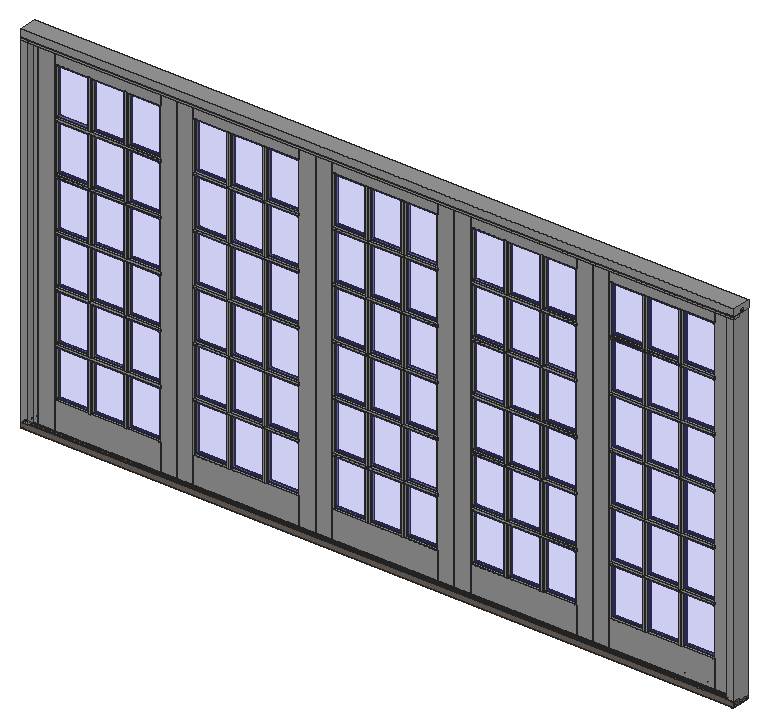
Revit family "VSFA 4190 SP LH", category Doors, host Wall, Revit 2015 (continued)
Forms (mm)
  Sweep 135, solid, material "Lauan, Meranti"
    profile origin (-195.85, -75, 474) x (0, 0, -1) y (0, -1, 0)
      loop
        arc (0, -86) -> (4.67, -84.366) -> (7, -80) r 6.807
        line (7, -80) -> (9, -80) -> (9, -78)
  Extrusion 136, solid, material "Lauan, Meranti"
    sketch origin (1526, 0, -0.012) x (-1, 0, 0) y (0, -1, 0)
      loop
        line (597.34, 15.5) -> (584.34, 15.5) -> (584.34, 13.5)
        arc (584.34, 13.5) -> (579.67, 11.866) -> (577.34, 7.5) r 6.807
        line (577.34, 7.5) -> (575.34, 7.5) -> (575.34, 5.5) -> (584.34, 5.5) -> (584.34, -24.5) -> (597.34, -24.5) -> (597.34, 5.5) -> (606.34, 5.5) -> (606.34, 7.5) -> (604.34, 7.5)
        arc (604.34, 7.5) -> (602.01, 11.866) -> (597.34, 13.5) r 6.807
        line (597.34, 13.5) -> (597.34, 15.5)
      loop
        line (808.68, 15.5) -> (795.68, 15.5) -> (795.68, 13.5)
        arc (795.68, 13.5) -> (791.01, 11.866) -> (788.68, 7.5) r 6.807
        line (788.68, 7.5) -> (786.68, 7.5) -> (786.68, 5.5) -> (795.68, 5.5) -> (795.68, -24.5) -> (808.68, -24.5) -> (808.68, 5.5) -> (817.68, 5.5) -> (817.68, 7.5) -> (815.68, 7.5)
        arc (815.68, 7.5) -> (813.35, 11.866) -> (808.68, 13.5) r 6.807
        line (808.68, 13.5) -> (808.68, 15.5)
    from 190 to 474
  Sweep 137, solid, material "Lauan, Meranti"
    path origin (1478.612, -75, -1252.284) x (-1, 0, 0) y (0, 0, -1)
      loop
        line (338.612, -1726.284) -> (536.952, -1726.284) -> (536.952, -1442.272) -> (338.612, -1442.272) -> (338.612, -1726.284)
    profile origin (1040.83, -75, 474) x (0, 0, -1) y (0, -1, 0)
      loop
        line (9, -78) -> (0, -78) -> (0, -86)
        arc (0, -86) -> (4.67, -84.366) -> (7, -80) r 6.807
        line (7, -80) -> (9, -80) -> (9, -78)
  Sweep 138, solid, material "Lauan, Meranti"
    path origin (1267.272, -75, -1252.284) x (-1, 0, 0) y (0, 0, -1)
      loop
        line (338.612, -1726.284) -> (536.952, -1726.284) -> (536.952, -1442.272) -> (338.612, -1442.272) -> (338.612, -1726.284)
    profile origin (829.49, -75, 474) x (0, 0, -1) y (0, -1, 0)
      loop
        line (9, -78) -> (0, -78) -> (0, -86)
        arc (0, -86) -> (4.67, -84.366) -> (7, -80) r 6.807
        line (7, -80) -> (9, -80) -> (9, -78)
  Sweep 139, solid, material "Lauan, Meranti"
    path origin (1055.932, -75, -1252.284) x (-1, 0, 0) y (0, 0, -1)
      loop
        line (338.612, -1726.284) -> (536.952, -1726.284) -> (536.952, -1442.272) -> (338.612, -1442.272) -> (338.612, -1726.284)
    profile origin (618.15, -75, 474) x (0, 0, -1) y (0, -1, 0)
      loop
        line (9, -78) -> (0, -78) -> (0, -86)
        arc (0, -86) -> (4.67, -84.366) -> (7, -80) r 6.807
        line (7, -80) -> (9, -80) -> (9, -78)
  Extrusion 140, solid, material "Lauan, Meranti"
    sketch origin (2340, 0, -0.012) x (-1, 0, 0) y (0, -1, 0)
      loop
        line (597.34, 15.5) -> (584.34, 15.5) -> (584.34, 13.5)
        arc (584.34, 13.5) -> (579.67, 11.866) -> (577.34, 7.5) r 6.807
        line (577.34, 7.5) -> (575.34, 7.5) -> (575.34, 5.5) -> (584.34, 5.5) -> (584.34, -24.5) -> (597.34, -24.5) -> (597.34, 5.5) -> (606.34, 5.5) -> (606.34, 7.5) -> (604.34, 7.5)
        arc (604.34, 7.5) -> (602.01, 11.866) -> (597.34, 13.5) r 6.807
        line (597.34, 13.5) -> (597.34, 15.5)
      loop
        line (808.68, 15.5) -> (795.68, 15.5) -> (795.68, 13.5)
        arc (795.68, 13.5) -> (791.01, 11.866) -> (788.68, 7.5) r 6.807
        line (788.68, 7.5) -> (786.68, 7.5) -> (786.68, 5.5) -> (795.68, 5.5) -> (795.68, -24.5) -> (808.68, -24.5) -> (808.68, 5.5) -> (817.68, 5.5) -> (817.68, 7.5) -> (815.68, 7.5)
        arc (815.68, 7.5) -> (813.35, 11.866) -> (808.68, 13.5) r 6.807
        line (808.68, 13.5) -> (808.68, 15.5)
    from 190 to 474
  Sweep 141, solid, material "Lauan, Meranti"
    path origin (2292.612, -75, -1252.284) x (-1, 0, 0) y (0, 0, -1)
      loop
        line (338.612, -1726.284) -> (536.952, -1726.284) -> (536.952, -1442.272) -> (338.612, -1442.272) -> (338.612, -1726.284)
    profile origin (1854.83, -75, 474) x (0, 0, -1) y (0, -1, 0)
      loop
        line (9, -78) -> (0, -78) -> (0, -86)
        arc (0, -86) -> (4.67, -84.366) -> (7, -80) r 6.807
        line (7, -80) -> (9, -80) -> (9, -78)
  Sweep 142, solid, material "Lauan, Meranti"
    path origin (2081.272, -75, -1252.284) x (-1, 0, 0) y (0, 0, -1)
      loop
        line (338.612, -1726.284) -> (536.952, -1726.284) -> (536.952, -1442.272) -> (338.612, -1442.272) -> (338.612, -1726.284)
    profile origin (1643.49, -75, 474) x (0, 0, -1) y (0, -1, 0)
      loop
        line (9, -78) -> (0, -78) -> (0, -86)
        arc (0, -86) -> (4.67, -84.366) -> (7, -80) r 6.807
        line (7, -80) -> (9, -80) -> (9, -78)
  Sweep 143, solid, material "Lauan, Meranti"
    path origin (1869.932, -75, -1252.284) x (-1, 0, 0) y (0, 0, -1)
      loop
        line (338.612, -1726.284) -> (536.952, -1726.284) -> (536.952, -1442.272) -> (338.612, -1442.272) -> (338.612, -1726.284)
    profile origin (1432.15, -75, 474) x (0, 0, -1) y (0, -1, 0)
      loop
        line (9, -78) -> (0, -78) -> (0, -86)
        arc (0, -86) -> (4.67, -84.366) -> (7, -80) r 6.807
        line (7, -80) -> (9, -80) -> (9, -78)
Cuts and joins
  joined: Extrusion 5, Extrusion 6
  joined: Extrusion 7, Extrusion 8
Lines and regions (mm)
  Opening 1
    outline origin (-5000, -75, 0) x (1, 0, 0) y (0, 0, 1)
      loop
        line (2905, 0) -> (7095, 0) -> (7095, 2100) -> (2905, 2100) -> (2905, 0)
  model lines
    curve 1: line (-2020, 24.5, 0) -> (-1613.5, 728.579, 0)
    curve 2: line (-1613.5, 728.579, 0) -> (-1578.859, 708.579, 0)
    curve 3: line (-1578.859, 708.579, 0) -> (-1985.359, 4.5, 0)
    curve 4: line (-1137.718, 24.5, 0) -> (-1544.218, 728.579, 0)
    curve 5: line (-1544.218, 728.579, 0) -> (-1578.859, 708.579, 0)
    curve 6: line (-1578.859, 708.579, 0) -> (-1172.359, 4.5, 0)
    curve 7: line (-1137.718, 24.5, 0) -> (-731.218, 728.579, 0)
    curve 8: line (-731.218, 728.579, 0) -> (-696.577, 708.579, 0)
    curve 9: line (-1103.077, 4.5, 0) -> (-696.577, 708.579, 0)
    curve 10: line (-255.436, 24.5, 0) -> (151.064, 728.579, 0)
    curve 11: line (151.064, 728.579, 0) -> (185.705, 708.579, 0)
    curve 12: line (185.705, 708.579, 0) -> (-220.795, 4.5, 0)
    curve 13: line (-255.436, 24.5, 0) -> (-661.936, 728.579, 0)
    curve 14: line (-661.936, 728.579, 0) -> (-696.577, 708.579, 0)
    curve 15: line (-290.077, 4.5, 0) -> (-696.577, 708.579, 0)
    curve 16: line (-1449.802, 99.5, 935) -> (-1624.802, 99.5, 935)
    curve 17: line (-1763.879, 99.5, 935) -> (-1624.802, 99.5, 991.191)
    curve 18: line (-1624.802, 99.5, 991.191) -> (-1624.802, 99.5, 878.809)
    curve 19: line (-1763.879, 99.5, 935) -> (-1624.802, 99.5, 878.809)
    curve 20: line (-635.802, 99.5, 935) -> (-810.802, 99.5, 935)
    curve 21: line (-949.879, 99.5, 935) -> (-810.802, 99.5, 991.191)
    curve 22: line (-810.802, 99.5, 991.191) -> (-810.802, 99.5, 878.809)
    curve 23: line (-949.879, 99.5, 935) -> (-810.802, 99.5, 878.809)
    curve 24: line (178.198, 99.5, 935) -> (3.198, 99.5, 935)
    curve 25: line (-135.879, 99.5, 935) -> (3.198, 99.5, 991.191)
    curve 26: line (3.198, 99.5, 991.191) -> (3.198, 99.5, 878.809)
    curve 27: line (-135.879, 99.5, 935) -> (3.198, 99.5, 878.809)
    curve 28: line (992.198, 99.5, 935) -> (817.198, 99.5, 935)
    curve 29: line (678.121, 99.5, 935) -> (817.198, 99.5, 991.191)
    curve 30: line (817.198, 99.5, 991.191) -> (817.198, 99.5, 878.809)
    curve 31: line (678.121, 99.5, 935) -> (817.198, 99.5, 878.809)
    curve 32: line (1806.198, 99.5, 935) -> (1631.198, 99.5, 935)
    curve 33: line (1492.121, 99.5, 935) -> (1631.198, 99.5, 991.191)
    curve 34: line (1631.198, 99.5, 991.191) -> (1631.198, 99.5, 878.809)
    curve 35: line (1492.121, 99.5, 935) -> (1631.198, 99.5, 878.809)
Text (mm)
  text "Exterior" at (-2295.016, 1099.543, 0), in view "Ref. Level"
  text "Exterior" at (0, 1615.38, 3698.081), in view "Left"
  text "Exterior" at (0, 1036.032, 3874.932), in view "Right"
Dimensions and locks
  equal spacing: plane 3 "Left", plane 2 "Center (Left/Right)", plane 4 "Right"
  "Width": plane 3 "Left" to plane 4 "Right"
  "Height": plane 5 to host wall
  host wall to plane 5 = 2100 mm  (x2)
  locked: plane 6 "Exterior" to host wall at 0
  locked: plane 7 "Interior" to host wall
  plane 3 "Left" to plane 4 "Right" = 4190 mm
  aligned and locked: plane 1 to host wall
  aligned and locked: Opening 1 sketch curve to level
Automatic sketch dimensions
  curve 17 to plane 3 "Left" = 331.121 mm
  curve 17 to curve 17 = 139.078 mm
  plane 10 to curve 21 = 255.121 mm
  curve 21 to curve 21 = 139.078 mm
  curve 25 to plane 2 "Center (Left/Right)" = 135.879 mm
  plane 2 "Center (Left/Right)" to curve 25 = 3.198 mm
  plane 14 to curve 29 = 255.121 mm
  curve 29 to curve 29 = 139.078 mm
  plane 15 to curve 33 = 255.121 mm
  curve 33 to curve 33 = 139.078 mm
  level to curve 35 = 878.809 mm
  curve 31 to curve 34 = 0 mm
  curve 27 to curve 30 = 0 mm
  level to curve 18 = 878.809 mm
  curve 23 to curve 18 = 0 mm
  curve 22 to curve 21 = 56.191 mm
  curve 34 to curve 33 = 56.191 mm
  curve 18 to curve 19 = 56.191 mm
  curve 26 to curve 25 = 56.191 mm
  curve 30 to curve 29 = 56.191 mm
  curve 30 to curve 30 = 112.382 mm
  curve 26 to curve 25 = 112.382 mm
  curve 22 to curve 22 = 112.382 mm
  curve 34 to curve 33 = 112.382 mm
  curve 18 to curve 18 = 112.382 mm
  curve 16 to curve 16 = 175 mm
  curve 20 to curve 20 = 175 mm
  curve 24 to curve 24 = 175 mm
  curve 28 to curve 28 = 175 mm
  curve 32 to curve 32 = 175 mm
  curve 34 to curve 32 = 56.191 mm
  curve 20 to curve 21 = 56.191 mm
  curve 26 to curve 24 = 56.191 mm
  curve 16 to curve 17 = 56.191 mm
  curve 30 to curve 28 = 56.191 mm
  curve 1 to plane 8 = 407.5 mm
  curve 2 to curve 3 = 34.641 mm
  curve 2 to curve 5 = 34.641 mm
  curve 7 to host wall = 24.5 mm
  plane 10 to curve 7 = 67.282 mm
  curve 8 to plane 13 = 339.218 mm
  curve 7 to curve 8 = 34.641 mm
  curve 9 to curve 13 = 34.641 mm
  curve 10 to host wall = 24.5 mm
  plane 11 to curve 10 = 135.564 mm
  plane 2 "Center (Left/Right)" to curve 11 = 151.064 mm
  curve 11 to curve 11 = 34.641 mm
  host wall to curve 6 = 633.579 mm
  host wall to curve 12 = 633.579 mm
  host wall to curve 8 = 633.579 mm
  curve 2 to curve 2 = 20 mm
  curve 3 to host wall = 4.5 mm
  curve 1 to host wall = 24.5 mm
  curve 6 to host wall = 4.5 mm
  curve 9 to host wall = 4.5 mm
  curve 4 to curve 9 = 34.641 mm
  curve 15 to host wall = 4.5 mm
  curve 15 to curve 10 = 34.641 mm
  curve 12 to host wall = 4.5 mm
  plane 3 "Left" to Opening 1 sketch curve = 0 mm
  plane 4 "Right" to Opening 1 sketch curve = 0 mm
  Opening 1 sketch curve to plane 5 = 0 mm
  Extrusion 1 sketch curve to level = 0 mm
  level to Extrusion 1 sketch curve = 1 mm
  Extrusion 1 sketch curve to host wall = 22.5 mm
  Extrusion 1 sketch curve to Extrusion 1 sketch curve = 1 mm  (x7)
  Extrusion 1 sketch curve to Extrusion 1 sketch curve = 0.5 mm  (x8)
  Extrusion 1 sketch curve to Extrusion 1 sketch curve = 8.551 mm
  Extrusion 1 sketch curve to Extrusion 1 sketch curve = 0.717 mm  (x10)
  Extrusion 1 sketch curve to Extrusion 1 sketch curve = 1.732 mm  (x10)
  Extrusion 1 sketch curve to Extrusion 1 sketch curve = 0 mm  (x26)
  Extrusion 1 sketch curve to Extrusion 1 sketch curve = 3.101 mm  (x3)
  Extrusion 1 sketch curve to Extrusion 1 sketch curve = 6.351 mm
  Extrusion 1 sketch curve to Extrusion 1 sketch curve = 1.5 mm  (x15)
  Extrusion 1 sketch curve to Extrusion 1 sketch curve = 0.7 mm
  level to Extrusion 1 sketch curve = 1.5 mm  (x3)
  Extrusion 1 sketch curve to Extrusion 1 sketch curve = 1.2 mm  (x2)
  Extrusion 1 sketch curve to Extrusion 1 sketch curve = 8.248 mm
  host wall to Extrusion 1 sketch curve = 4.5 mm
  host wall to Extrusion 1 sketch curve = 1.5 mm  (x2)
  Extrusion 1 sketch curve to host wall = 1.817 mm
  Extrusion 1 sketch curve to Extrusion 1 sketch curve = 1.433 mm  (x3)
  Extrusion 1 sketch curve to host wall = 3.75 mm
  Extrusion 1 sketch curve to Extrusion 1 sketch curve = 1.25 mm  (x2)
  Extrusion 1 sketch curve to Extrusion 1 sketch curve = 3.317 mm
  Extrusion 1 sketch curve to Extrusion 1 sketch curve = 4.551 mm
  Extrusion 1 sketch curve to Extrusion 1 sketch curve = 10.551 mm
  Extrusion 1 sketch curve to Extrusion 1 sketch curve = 11 mm
  Extrusion 1 sketch curve to Extrusion 1 sketch curve = 14.5 mm
  Extrusion 1 sketch curve to Extrusion 1 sketch curve = 2 mm  (x4)
  Extrusion 1 sketch curve to Extrusion 1 sketch curve = 0.3 mm
  Extrusion 1 sketch curve to Extrusion 1 sketch curve = 2.5 mm
  Extrusion 1 sketch curve to Extrusion 1 sketch curve = 1.488 mm
  Extrusion 1 sketch curve to Extrusion 1 sketch curve = 1.012 mm
  Extrusion 1 sketch curve to Extrusion 1 sketch curve = 5.5 mm
  plane 5 to Extrusion 2 sketch curve = 0 mm
  Extrusion 2 sketch curve to host wall = 22.5 mm  (x2)
  host wall to Extrusion 2 sketch curve = 6.5 mm
  Extrusion 2 sketch curve to host wall = 15.5 mm
  plane 5 to Extrusion 2 sketch curve = 25 mm
  Extrusion 2 sketch curve to Extrusion 2 sketch curve = 45 mm
  Extrusion 2 sketch curve to Extrusion 2 sketch curve = 20 mm
  Extrusion 3 sketch curve to host wall = 22.5 mm
  Extrusion 3 sketch curve to Extrusion 3 sketch curve = 3 mm  (x3)
  Extrusion 3 sketch curve to Extrusion 3 sketch curve = 22 mm
  Extrusion 3 sketch curve to Extrusion 3 sketch curve = 7 mm
  Extrusion 3 sketch curve to Extrusion 3 sketch curve = 0 mm
  plane 5 to Extrusion 3 sketch curve = 45 mm
  Extrusion 3 sketch curve to Extrusion 3 sketch curve = 6.5 mm
  Extrusion 3 sketch curve to Extrusion 3 sketch curve = 10 mm
  host wall to Extrusion 4 sketch curve = 6 mm
  Extrusion 4 sketch curve to Extrusion 4 sketch curve = 2.2 mm  (x3)
  Extrusion 4 sketch curve to host wall = 12.8 mm
  plane 5 to Extrusion 4 sketch curve = 45 mm
  Extrusion 4 sketch curve to Extrusion 4 sketch curve = 0 mm
  Extrusion 4 sketch curve to Extrusion 4 sketch curve = 17.8 mm
  Extrusion 5 sketch curve to plane 4 "Right" = 0 mm
  plane 4 "Right" to Extrusion 5 sketch curve = 33 mm
  Extrusion 5 sketch curve to Extrusion 5 sketch curve = 45 mm
  Extrusion 5 sketch curve to host wall = 22.5 mm  (x2)
  Extrusion 5 sketch curve to host wall = 24.5 mm
  Extrusion 6 sketch curve to plane 4 "Right" = 0 mm
  Extrusion 6 sketch curve to Extrusion 6 sketch curve = 33 mm
  host wall to Extrusion 6 sketch curve = 19.5 mm
  Extrusion 6 sketch curve to Extrusion 6 sketch curve = 45 mm
  Extrusion 6 sketch curve to host wall = 24.5 mm
  Extrusion 6 sketch curve to host wall = 22.5 mm
  Extrusion 7 sketch curve to plane 3 "Left" = 0 mm  (x2)
  Extrusion 7 sketch curve to plane 3 "Left" = 30 mm  (x2)
  Extrusion 7 sketch curve to Extrusion 7 sketch curve = 15 mm  (x2)
  Extrusion 7 sketch curve to Extrusion 7 sketch curve = 10 mm  (x2)
  Extrusion 7 sketch curve to Extrusion 7 sketch curve = 20 mm
  Extrusion 7 sketch curve to host wall = 22.5 mm  (x2)
  Extrusion 7 sketch curve to host wall = 25.5 mm
  Extrusion 7 sketch curve to Extrusion 7 sketch curve = 1 mm
  Extrusion 7 sketch curve to host wall = 14.5 mm
  host wall to Extrusion 7 sketch curve = 5.5 mm
  host wall to Extrusion 7 sketch curve = 16.5 mm
  Extrusion 8 sketch curve to plane 3 "Left" = 0 mm
  Extrusion 8 sketch curve to plane 3 "Left" = 30 mm
  Extrusion 8 sketch curve to Extrusion 8 sketch curve = 0 mm
  Extrusion 8 sketch curve to Extrusion 8 sketch curve = 15 mm
  host wall to Extrusion 8 sketch curve = 5.5 mm
  Extrusion 8 sketch curve to Extrusion 8 sketch curve = 25 mm
  Extrusion 8 sketch curve to Extrusion 8 sketch curve = 20 mm
  Extrusion 8 sketch curve to host wall = 14.5 mm
  Extrusion 8 sketch curve to Extrusion 8 sketch curve = 10 mm  (x2)
  Extrusion 8 sketch curve to host wall = 25.5 mm
  Extrusion 8 sketch curve to host wall = 22.5 mm
  Extrusion 9 sketch curve to plane 12 = 0 mm
  Extrusion 9 sketch curve to plane 11 = 0 mm
  Extrusion 9 sketch curve to host wall = 13.5 mm
  plane 12 to Extrusion 9 sketch curve = 96 mm
  Extrusion 9 sketch curve to Extrusion 9 sketch curve = 0 mm
  Extrusion 9 sketch curve to Extrusion 9 sketch curve = 0.473 mm  (x3)
  Extrusion 9 sketch curve to Extrusion 9 sketch curve = 6.527 mm  (x2)
  Extrusion 9 sketch curve to Extrusion 9 sketch curve = 2 mm  (x4)
  Extrusion 9 sketch curve to host wall = 5.5 mm
  Extrusion 9 sketch curve to plane 11 = 105 mm
  Extrusion 9 sketch curve to host wall = 15.5 mm  (x2)
  Extrusion 9 sketch curve to host wall = 7.5 mm
  Extrusion 9 sketch curve to Extrusion 9 sketch curve = 1.468 mm
  host wall to Extrusion 9 sketch curve = 24.5 mm  (x2)
  Extrusion 10 sketch curve to plane 9 = 0 mm
  Extrusion 10 sketch curve to plane 14 = 0 mm
  Extrusion 10 sketch curve to host wall = 13.5 mm
  plane 9 to Extrusion 10 sketch curve = 96 mm
  Extrusion 10 sketch curve to Extrusion 10 sketch curve = 0 mm
  Extrusion 10 sketch curve to Extrusion 10 sketch curve = 0.473 mm  (x3)
  Extrusion 10 sketch curve to Extrusion 10 sketch curve = 6.527 mm  (x2)
  Extrusion 10 sketch curve to Extrusion 10 sketch curve = 2 mm  (x4)
  Extrusion 10 sketch curve to host wall = 5.5 mm
  Extrusion 10 sketch curve to plane 14 = 105 mm
  Extrusion 10 sketch curve to host wall = 15.5 mm  (x2)
  Extrusion 10 sketch curve to host wall = 7.5 mm
  Extrusion 10 sketch curve to Extrusion 10 sketch curve = 1.468 mm
  host wall to Extrusion 10 sketch curve = 24.5 mm  (x2)
  Extrusion 11 sketch curve to plane 13 = 0 mm
  Extrusion 11 sketch curve to plane 10 = 0 mm
  Extrusion 11 sketch curve to host wall = 13.5 mm
  plane 13 to Extrusion 11 sketch curve = 96 mm
  Extrusion 11 sketch curve to Extrusion 11 sketch curve = 0 mm
  Extrusion 11 sketch curve to Extrusion 11 sketch curve = 0.473 mm  (x3)
  Extrusion 11 sketch curve to Extrusion 11 sketch curve = 6.527 mm  (x2)
  Extrusion 11 sketch curve to Extrusion 11 sketch curve = 2 mm  (x4)
  Extrusion 11 sketch curve to host wall = 5.5 mm
  Extrusion 11 sketch curve to plane 10 = 105 mm
  Extrusion 11 sketch curve to host wall = 15.5 mm  (x2)
  Extrusion 11 sketch curve to host wall = 7.5 mm
  Extrusion 11 sketch curve to Extrusion 11 sketch curve = 1.468 mm
  host wall to Extrusion 11 sketch curve = 24.5 mm  (x2)
  Extrusion 12 sketch curve to plane 8 = 0 mm
  Extrusion 12 sketch curve to host wall = 13.5 mm
  plane 8 to Extrusion 12 sketch curve = 96 mm
  Extrusion 12 sketch curve to Extrusion 12 sketch curve = 0 mm
  Extrusion 12 sketch curve to Extrusion 12 sketch curve = 0.473 mm  (x3)
  Extrusion 12 sketch curve to Extrusion 12 sketch curve = 6.527 mm  (x2)
  Extrusion 12 sketch curve to Extrusion 12 sketch curve = 2 mm  (x4)
  Extrusion 12 sketch curve to host wall = 5.5 mm
  plane 3 "Left" to Extrusion 12 sketch curve = 181 mm
  host wall to Extrusion 12 sketch curve = 24.5 mm  (x2)
  plane 3 "Left" to Extrusion 12 sketch curve = 76 mm
  Extrusion 12 sketch curve to host wall = 15.5 mm  (x2)
  Extrusion 12 sketch curve to host wall = 7.5 mm
  Extrusion 12 sketch curve to Extrusion 12 sketch curve = 1.468 mm
  Extrusion 13 sketch curve to plane 15 = 0 mm
  Extrusion 13 sketch curve to host wall = 13.5 mm
  Extrusion 13 sketch curve to plane 15 = 96 mm
  Extrusion 13 sketch curve to Extrusion 13 sketch curve = 0 mm
  Extrusion 13 sketch curve to Extrusion 13 sketch curve = 0.473 mm  (x2)
  Extrusion 13 sketch curve to Extrusion 13 sketch curve = 6.527 mm  (x2)
  Extrusion 13 sketch curve to Extrusion 13 sketch curve = 2 mm  (x4)
  Extrusion 13 sketch curve to host wall = 5.5 mm
  Extrusion 13 sketch curve to plane 4 "Right" = 150 mm
  Extrusion 13 sketch curve to Extrusion 13 sketch curve = 9 mm
  Extrusion 13 sketch curve to host wall = 15.5 mm  (x2)
  Extrusion 13 sketch curve to plane 4 "Right" = 45 mm
  Extrusion 13 sketch curve to host wall = 7.5 mm
  Extrusion 13 sketch curve to Extrusion 13 sketch curve = 1.468 mm
  host wall to Extrusion 13 sketch curve = 24.5 mm  (x2)
  host wall to Extrusion 14 sketch curve = 15.5 mm  (x7)
  Extrusion 14 sketch curve to Extrusion 14 sketch curve = 2 mm  (x28)
  host wall to Extrusion 14 sketch curve = 7.5 mm  (x12)
  host wall to Extrusion 14 sketch curve = 6.697 mm  (x12)
  Extrusion 14 sketch curve to Extrusion 14 sketch curve = 1.197 mm  (x8)
  Extrusion 14 sketch curve to host wall = 24.5 mm  (x7)
  plane 5 to Extrusion 14 sketch curve = 45 mm
  Extrusion 14 sketch curve to Extrusion 14 sketch curve = 96 mm
  Extrusion 14 sketch curve to Extrusion 14 sketch curve = 0 mm  (x6)
  Extrusion 14 sketch curve to Extrusion 14 sketch curve = 0.241 mm  (x12)
  Extrusion 14 sketch curve to Extrusion 14 sketch curve = 266 mm  (x5)
  Extrusion 14 sketch curve to Extrusion 14 sketch curve = 6.759 mm  (x6)
  Extrusion 14 sketch curve to Extrusion 14 sketch curve = 13 mm  (x5)
  level to Extrusion 14 sketch curve = 199 mm
  level to Extrusion 14 sketch curve = 19 mm
  Extrusion 15 sketch curve to plane 8 = 96 mm  (x2)
  Extrusion 15 sketch curve to Extrusion 15 sketch curve = 0 mm  (x31)
  Extrusion 15 sketch curve to Extrusion 15 sketch curve = 198.34 mm  (x6)
  Extrusion 15 sketch curve to Extrusion 15 sketch curve = 13 mm  (x7)
  Extrusion 15 sketch curve to plane 3 "Left" = 171.98 mm  (x3)
  plane 5 to Extrusion 15 sketch curve = 141 mm  (x2)
  Extrusion 15 sketch curve to Extrusion 15 sketch curve = 284.012 mm  (x5)
  Extrusion 15 sketch curve to Extrusion 15 sketch curve = 12.988 mm  (x15)
  level to Extrusion 15 sketch curve = 189.988 mm
  host wall to Extrusion 16 sketch curve = 7.5 mm
  Extrusion 16 sketch curve to plane 8 = 285.34 mm
  Extrusion 16 sketch curve to Extrusion 16 sketch curve = 2 mm  (x10)
  Extrusion 16 sketch curve to Extrusion 16 sketch curve = 6.759 mm  (x4)
  Extrusion 16 sketch curve to Extrusion 16 sketch curve = 0.241 mm  (x6)
  Extrusion 16 sketch curve to Extrusion 16 sketch curve = 13 mm  (x3)
  Extrusion 16 sketch curve to Extrusion 16 sketch curve = 0 mm
  host wall to Extrusion 16 sketch curve = 5.5 mm  (x3)
  Extrusion 16 sketch curve to Extrusion 16 sketch curve = 180.34 mm
  Extrusion 16 sketch curve to host wall = 24.5 mm  (x2)
  Extrusion 16 sketch curve to Extrusion 16 sketch curve = 1.197 mm  (x4)
  Sweep 17 sketch curve to plane 8 = 96 mm
  Sweep 17 sketch curve to Sweep 17 sketch curve = 198.34 mm
  plane 5 to Sweep 17 sketch curve = 141 mm
  Sweep 17 sketch curve to Sweep 17 sketch curve = 284.012 mm
  Sweep 17 sketch curve to profile plane = 0 mm
  Sweep 17 sketch curve to profile plane = 0.241 mm
  Sweep 17 sketch curve to Sweep 17 sketch curve = 6.759 mm
  Sweep 17 sketch curve to Sweep 17 sketch curve = 2 mm  (x2)
  Sweep 17 sketch curve to profile plane = 86 mm
  Sweep 17 sketch curve to Sweep 17 sketch curve = 6 mm
  Sweep 18 sketch curve to plane 8 = 307.34 mm
  Sweep 18 sketch curve to Sweep 18 sketch curve = 198.34 mm
  plane 5 to Sweep 18 sketch curve = 141 mm
  Sweep 18 sketch curve to Sweep 18 sketch curve = 284.012 mm
  Sweep 18 sketch curve to profile plane = 0 mm
  Sweep 18 sketch curve to profile plane = 0.241 mm
  Sweep 18 sketch curve to Sweep 18 sketch curve = 6.759 mm
  Sweep 18 sketch curve to Sweep 18 sketch curve = 2 mm  (x2)
  Sweep 18 sketch curve to profile plane = 86 mm
  Sweep 18 sketch curve to Sweep 18 sketch curve = 6 mm
  Sweep 19 sketch curve to plane 3 "Left" = 370.32 mm
  Sweep 19 sketch curve to plane 3 "Left" = 171.98 mm
  plane 5 to Sweep 19 sketch curve = 141 mm
  Sweep 19 sketch curve to Sweep 19 sketch curve = 284.012 mm
  Sweep 19 sketch curve to profile plane = 0 mm
  Sweep 19 sketch curve to profile plane = 0.241 mm
  Sweep 19 sketch curve to Sweep 19 sketch curve = 6.759 mm
  Sweep 19 sketch curve to Sweep 19 sketch curve = 2 mm  (x2)
  Sweep 19 sketch curve to profile plane = 86 mm
  Sweep 19 sketch curve to Sweep 19 sketch curve = 6 mm
  host wall to Extrusion 20 sketch curve = 7.5 mm
  Extrusion 20 sketch curve to plane 8 = 285.34 mm
  Extrusion 20 sketch curve to Extrusion 20 sketch curve = 2 mm  (x10)
  Extrusion 20 sketch curve to Extrusion 20 sketch curve = 6.759 mm  (x4)
  Extrusion 20 sketch curve to Extrusion 20 sketch curve = 0.241 mm  (x6)
  Extrusion 20 sketch curve to Extrusion 20 sketch curve = 13 mm  (x3)
  Extrusion 20 sketch curve to Extrusion 20 sketch curve = 0 mm
  host wall to Extrusion 20 sketch curve = 5.5 mm  (x3)
  Extrusion 20 sketch curve to Extrusion 20 sketch curve = 180.34 mm
  Extrusion 20 sketch curve to host wall = 24.5 mm  (x2)
  Extrusion 20 sketch curve to Extrusion 20 sketch curve = 1.197 mm  (x4)
  Sweep 21 sketch curve to plane 8 = 96 mm
  Sweep 21 sketch curve to Sweep 21 sketch curve = 198.34 mm
  plane 5 to Sweep 21 sketch curve = 438 mm
  Sweep 21 sketch curve to Sweep 21 sketch curve = 284.012 mm
  Sweep 21 sketch curve to profile plane = 0 mm
  Sweep 21 sketch curve to profile plane = 0.241 mm
  Sweep 21 sketch curve to Sweep 21 sketch curve = 6.759 mm
  Sweep 21 sketch curve to Sweep 21 sketch curve = 2 mm  (x2)
  Sweep 21 sketch curve to profile plane = 86 mm
  Sweep 21 sketch curve to Sweep 21 sketch curve = 6 mm
  Sweep 22 sketch curve to plane 8 = 307.34 mm
  Sweep 22 sketch curve to Sweep 22 sketch curve = 198.34 mm
  plane 5 to Sweep 22 sketch curve = 438 mm
  Sweep 22 sketch curve to Sweep 22 sketch curve = 284.012 mm
  Sweep 22 sketch curve to profile plane = 0 mm
  Sweep 22 sketch curve to profile plane = 0.241 mm
  Sweep 22 sketch curve to Sweep 22 sketch curve = 6.759 mm
  Sweep 22 sketch curve to Sweep 22 sketch curve = 2 mm  (x2)
  Sweep 22 sketch curve to profile plane = 86 mm
  Sweep 22 sketch curve to Sweep 22 sketch curve = 6 mm
  Sweep 23 sketch curve to plane 3 "Left" = 370.32 mm
  Sweep 23 sketch curve to plane 3 "Left" = 171.98 mm
  plane 5 to Sweep 23 sketch curve = 438 mm
  Sweep 23 sketch curve to Sweep 23 sketch curve = 284.012 mm
  Sweep 23 sketch curve to profile plane = 0 mm
  Sweep 23 sketch curve to profile plane = 0.241 mm
  Sweep 23 sketch curve to Sweep 23 sketch curve = 6.759 mm
  Sweep 23 sketch curve to Sweep 23 sketch curve = 2 mm  (x2)
  Sweep 23 sketch curve to profile plane = 86 mm
  Sweep 23 sketch curve to Sweep 23 sketch curve = 6 mm
  host wall to Extrusion 24 sketch curve = 7.5 mm
  Extrusion 24 sketch curve to plane 8 = 285.34 mm
  Extrusion 24 sketch curve to Extrusion 24 sketch curve = 2 mm  (x10)
  Extrusion 24 sketch curve to Extrusion 24 sketch curve = 6.759 mm  (x4)
  Extrusion 24 sketch curve to Extrusion 24 sketch curve = 0.241 mm  (x6)
  Extrusion 24 sketch curve to Extrusion 24 sketch curve = 13 mm  (x3)
  Extrusion 24 sketch curve to Extrusion 24 sketch curve = 0 mm
  host wall to Extrusion 24 sketch curve = 5.5 mm  (x3)
  Extrusion 24 sketch curve to Extrusion 24 sketch curve = 180.34 mm
  Extrusion 24 sketch curve to host wall = 24.5 mm  (x2)
  Extrusion 24 sketch curve to Extrusion 24 sketch curve = 1.197 mm  (x4)
  Sweep 25 sketch curve to plane 8 = 96 mm
  Sweep 25 sketch curve to Sweep 25 sketch curve = 198.34 mm
  plane 5 to Sweep 25 sketch curve = 735 mm
  Sweep 25 sketch curve to Sweep 25 sketch curve = 284.012 mm
  Sweep 25 sketch curve to profile plane = 0 mm
  Sweep 25 sketch curve to profile plane = 0.241 mm
  Sweep 25 sketch curve to Sweep 25 sketch curve = 6.759 mm
  Sweep 25 sketch curve to Sweep 25 sketch curve = 2 mm  (x2)
  Sweep 25 sketch curve to profile plane = 86 mm
  Sweep 25 sketch curve to Sweep 25 sketch curve = 6 mm
  Sweep 26 sketch curve to plane 8 = 307.34 mm
  Sweep 26 sketch curve to Sweep 26 sketch curve = 198.34 mm
  plane 5 to Sweep 26 sketch curve = 735 mm
  Sweep 26 sketch curve to Sweep 26 sketch curve = 284.012 mm
  Sweep 26 sketch curve to profile plane = 0 mm
  Sweep 26 sketch curve to profile plane = 0.241 mm
  Sweep 26 sketch curve to Sweep 26 sketch curve = 6.759 mm
  Sweep 26 sketch curve to Sweep 26 sketch curve = 2 mm  (x2)
  Sweep 26 sketch curve to profile plane = 86 mm
  Sweep 26 sketch curve to Sweep 26 sketch curve = 6 mm
  Sweep 27 sketch curve to plane 3 "Left" = 370.32 mm
  Sweep 27 sketch curve to plane 3 "Left" = 171.98 mm
  plane 5 to Sweep 27 sketch curve = 735 mm
  Sweep 27 sketch curve to Sweep 27 sketch curve = 284.012 mm
  Sweep 27 sketch curve to profile plane = 0 mm
  Sweep 27 sketch curve to profile plane = 0.241 mm
  Sweep 27 sketch curve to Sweep 27 sketch curve = 6.759 mm
  Sweep 27 sketch curve to Sweep 27 sketch curve = 2 mm  (x2)
  Sweep 27 sketch curve to profile plane = 86 mm
  Sweep 27 sketch curve to Sweep 27 sketch curve = 6 mm
  host wall to Extrusion 28 sketch curve = 7.5 mm
  Extrusion 28 sketch curve to plane 8 = 285.34 mm
  Extrusion 28 sketch curve to Extrusion 28 sketch curve = 2 mm  (x10)
  Extrusion 28 sketch curve to Extrusion 28 sketch curve = 6.759 mm  (x4)
  Extrusion 28 sketch curve to Extrusion 28 sketch curve = 0.241 mm  (x6)
  Extrusion 28 sketch curve to Extrusion 28 sketch curve = 13 mm  (x3)
  Extrusion 28 sketch curve to Extrusion 28 sketch curve = 0 mm
  host wall to Extrusion 28 sketch curve = 5.5 mm  (x3)
  Extrusion 28 sketch curve to Extrusion 28 sketch curve = 180.34 mm
  Extrusion 28 sketch curve to host wall = 24.5 mm  (x2)
  Extrusion 28 sketch curve to Extrusion 28 sketch curve = 1.197 mm  (x4)
  Sweep 29 sketch curve to plane 8 = 96 mm
  Sweep 29 sketch curve to Sweep 29 sketch curve = 198.34 mm
  plane 5 to Sweep 29 sketch curve = 1032 mm
  Sweep 29 sketch curve to Sweep 29 sketch curve = 284.012 mm
  Sweep 29 sketch curve to profile plane = 0 mm
  Sweep 29 sketch curve to profile plane = 0.241 mm
  Sweep 29 sketch curve to Sweep 29 sketch curve = 6.759 mm
  Sweep 29 sketch curve to Sweep 29 sketch curve = 2 mm  (x2)
  Sweep 29 sketch curve to profile plane = 86 mm
  Sweep 29 sketch curve to Sweep 29 sketch curve = 6 mm
  Sweep 30 sketch curve to plane 8 = 307.34 mm
  Sweep 30 sketch curve to Sweep 30 sketch curve = 198.34 mm
  plane 5 to Sweep 30 sketch curve = 1032 mm
  Sweep 30 sketch curve to Sweep 30 sketch curve = 284.012 mm
  Sweep 30 sketch curve to profile plane = 0 mm
  Sweep 30 sketch curve to profile plane = 0.241 mm
  Sweep 30 sketch curve to Sweep 30 sketch curve = 6.759 mm
  Sweep 30 sketch curve to Sweep 30 sketch curve = 2 mm  (x2)
  Sweep 30 sketch curve to profile plane = 86 mm
  Sweep 30 sketch curve to Sweep 30 sketch curve = 6 mm
  Sweep 31 sketch curve to plane 3 "Left" = 370.32 mm
  Sweep 31 sketch curve to plane 3 "Left" = 171.98 mm
  plane 5 to Sweep 31 sketch curve = 1032 mm
  Sweep 31 sketch curve to Sweep 31 sketch curve = 284.012 mm
  Sweep 31 sketch curve to profile plane = 0 mm
  Sweep 31 sketch curve to profile plane = 0.241 mm
  Sweep 31 sketch curve to Sweep 31 sketch curve = 6.759 mm
  Sweep 31 sketch curve to Sweep 31 sketch curve = 2 mm  (x2)
  Sweep 31 sketch curve to profile plane = 86 mm
  Sweep 31 sketch curve to Sweep 31 sketch curve = 6 mm
  host wall to Extrusion 32 sketch curve = 7.5 mm
  Extrusion 32 sketch curve to plane 8 = 285.34 mm
  Extrusion 32 sketch curve to Extrusion 32 sketch curve = 2 mm  (x10)
  Extrusion 32 sketch curve to Extrusion 32 sketch curve = 6.759 mm  (x4)
  Extrusion 32 sketch curve to Extrusion 32 sketch curve = 0.241 mm  (x6)
  Extrusion 32 sketch curve to Extrusion 32 sketch curve = 13 mm  (x3)
  Extrusion 32 sketch curve to Extrusion 32 sketch curve = 0 mm
  host wall to Extrusion 32 sketch curve = 5.5 mm  (x3)
  Extrusion 32 sketch curve to Extrusion 32 sketch curve = 180.34 mm
  Extrusion 32 sketch curve to host wall = 24.5 mm  (x2)
  Extrusion 32 sketch curve to Extrusion 32 sketch curve = 1.197 mm  (x4)
  Sweep 33 sketch curve to plane 8 = 96 mm
  Sweep 33 sketch curve to Sweep 33 sketch curve = 198.34 mm
  level to Sweep 33 sketch curve = 771 mm
  Sweep 33 sketch curve to Sweep 33 sketch curve = 284.012 mm
  Sweep 33 sketch curve to profile plane = 0 mm
  Sweep 33 sketch curve to profile plane = 0.241 mm
  Sweep 33 sketch curve to Sweep 33 sketch curve = 6.759 mm
  Sweep 33 sketch curve to Sweep 33 sketch curve = 2 mm  (x2)
  Sweep 33 sketch curve to profile plane = 86 mm
  Sweep 33 sketch curve to Sweep 33 sketch curve = 6 mm
  Sweep 34 sketch curve to plane 8 = 307.34 mm
  Sweep 34 sketch curve to Sweep 34 sketch curve = 198.34 mm
  level to Sweep 34 sketch curve = 771 mm
  Sweep 34 sketch curve to Sweep 34 sketch curve = 284.012 mm
  Sweep 34 sketch curve to profile plane = 0 mm
  Sweep 34 sketch curve to profile plane = 0.241 mm
  Sweep 34 sketch curve to Sweep 34 sketch curve = 6.759 mm
  Sweep 34 sketch curve to Sweep 34 sketch curve = 2 mm  (x2)
  Sweep 34 sketch curve to profile plane = 86 mm
  Sweep 34 sketch curve to Sweep 34 sketch curve = 6 mm
  Sweep 35 sketch curve to plane 3 "Left" = 370.32 mm
  Sweep 35 sketch curve to plane 3 "Left" = 171.98 mm
  level to Sweep 35 sketch curve = 771 mm
  Sweep 35 sketch curve to Sweep 35 sketch curve = 284.012 mm
  Sweep 35 sketch curve to profile plane = 0 mm
  Sweep 35 sketch curve to profile plane = 0.241 mm
  Sweep 35 sketch curve to Sweep 35 sketch curve = 6.759 mm
  Sweep 35 sketch curve to Sweep 35 sketch curve = 2 mm  (x2)
  Sweep 35 sketch curve to profile plane = 86 mm
  Sweep 35 sketch curve to Sweep 35 sketch curve = 6 mm
  host wall to Extrusion 36 sketch curve = 15.5 mm  (x7)
  Extrusion 36 sketch curve to Extrusion 36 sketch curve = 2 mm  (x28)
  host wall to Extrusion 36 sketch curve = 7.5 mm  (x12)
  host wall to Extrusion 36 sketch curve = 6.697 mm  (x12)
  Extrusion 36 sketch curve to Extrusion 36 sketch curve = 1.197 mm  (x8)
  Extrusion 36 sketch curve to host wall = 24.5 mm  (x7)
  plane 5 to Extrusion 36 sketch curve = 45 mm
  Extrusion 36 sketch curve to Extrusion 36 sketch curve = 96 mm
  Extrusion 36 sketch curve to Extrusion 36 sketch curve = 0 mm  (x6)
  Extrusion 36 sketch curve to Extrusion 36 sketch curve = 0.241 mm  (x12)
  Extrusion 36 sketch curve to Extrusion 36 sketch curve = 266 mm  (x5)
  Extrusion 36 sketch curve to Extrusion 36 sketch curve = 6.759 mm  (x6)
  Extrusion 36 sketch curve to Extrusion 36 sketch curve = 13 mm  (x5)
  level to Extrusion 36 sketch curve = 199 mm
  level to Extrusion 36 sketch curve = 19 mm
  Extrusion 37 sketch curve to plane 13 = 96 mm  (x2)
  Extrusion 37 sketch curve to Extrusion 37 sketch curve = 0 mm  (x31)
  Extrusion 37 sketch curve to Extrusion 37 sketch curve = 198.34 mm  (x6)
  Extrusion 37 sketch curve to Extrusion 37 sketch curve = 13 mm  (x7)
  plane 10 to Extrusion 37 sketch curve = 95.98 mm  (x3)
  plane 5 to Extrusion 37 sketch curve = 141 mm  (x2)
  Extrusion 37 sketch curve to Extrusion 37 sketch curve = 284.012 mm  (x5)
  Extrusion 37 sketch curve to Extrusion 37 sketch curve = 12.988 mm  (x15)
  level to Extrusion 37 sketch curve = 189.988 mm
  host wall to Extrusion 38 sketch curve = 7.5 mm
  Extrusion 38 sketch curve to plane 13 = 285.34 mm
  Extrusion 38 sketch curve to Extrusion 38 sketch curve = 2 mm  (x10)
  Extrusion 38 sketch curve to Extrusion 38 sketch curve = 6.759 mm  (x4)
  Extrusion 38 sketch curve to Extrusion 38 sketch curve = 0.241 mm  (x6)
  Extrusion 38 sketch curve to Extrusion 38 sketch curve = 13 mm  (x3)
  Extrusion 38 sketch curve to Extrusion 38 sketch curve = 0 mm
  host wall to Extrusion 38 sketch curve = 5.5 mm  (x3)
  Extrusion 38 sketch curve to Extrusion 38 sketch curve = 180.34 mm
  Extrusion 38 sketch curve to host wall = 24.5 mm  (x2)
  Extrusion 38 sketch curve to Extrusion 38 sketch curve = 1.197 mm  (x4)
  Sweep 39 sketch curve to plane 13 = 96 mm
  Sweep 39 sketch curve to Sweep 39 sketch curve = 198.34 mm
  plane 5 to Sweep 39 sketch curve = 141 mm
  Sweep 39 sketch curve to Sweep 39 sketch curve = 284.012 mm
  Sweep 39 sketch curve to profile plane = 0 mm
  Sweep 39 sketch curve to profile plane = 0.241 mm
  Sweep 39 sketch curve to Sweep 39 sketch curve = 6.759 mm
  Sweep 39 sketch curve to Sweep 39 sketch curve = 2 mm  (x2)
  Sweep 39 sketch curve to profile plane = 86 mm
  Sweep 39 sketch curve to Sweep 39 sketch curve = 6 mm
  Sweep 40 sketch curve to plane 13 = 307.34 mm
  Sweep 40 sketch curve to Sweep 40 sketch curve = 198.34 mm
  plane 5 to Sweep 40 sketch curve = 141 mm
  Sweep 40 sketch curve to Sweep 40 sketch curve = 284.012 mm
  Sweep 40 sketch curve to profile plane = 0 mm
  Sweep 40 sketch curve to profile plane = 0.241 mm
  Sweep 40 sketch curve to Sweep 40 sketch curve = 6.759 mm
  Sweep 40 sketch curve to Sweep 40 sketch curve = 2 mm  (x2)
  Sweep 40 sketch curve to profile plane = 86 mm
  Sweep 40 sketch curve to Sweep 40 sketch curve = 6 mm
  plane 10 to Sweep 41 sketch curve = 294.32 mm
  plane 10 to Sweep 41 sketch curve = 95.98 mm
  plane 5 to Sweep 41 sketch curve = 141 mm
  Sweep 41 sketch curve to Sweep 41 sketch curve = 284.012 mm
  Sweep 41 sketch curve to profile plane = 0 mm
  Sweep 41 sketch curve to profile plane = 0.241 mm
  Sweep 41 sketch curve to Sweep 41 sketch curve = 6.759 mm
  Sweep 41 sketch curve to Sweep 41 sketch curve = 2 mm  (x2)
  Sweep 41 sketch curve to profile plane = 86 mm
  Sweep 41 sketch curve to Sweep 41 sketch curve = 6 mm
  host wall to Extrusion 42 sketch curve = 7.5 mm
  Extrusion 42 sketch curve to plane 13 = 285.34 mm
  Extrusion 42 sketch curve to Extrusion 42 sketch curve = 2 mm  (x10)
  Extrusion 42 sketch curve to Extrusion 42 sketch curve = 6.759 mm  (x4)
  Extrusion 42 sketch curve to Extrusion 42 sketch curve = 0.241 mm  (x6)
  Extrusion 42 sketch curve to Extrusion 42 sketch curve = 13 mm  (x3)
  Extrusion 42 sketch curve to Extrusion 42 sketch curve = 0 mm
  host wall to Extrusion 42 sketch curve = 5.5 mm  (x3)
  Extrusion 42 sketch curve to Extrusion 42 sketch curve = 180.34 mm
  Extrusion 42 sketch curve to host wall = 24.5 mm  (x2)
  Extrusion 42 sketch curve to Extrusion 42 sketch curve = 1.197 mm  (x4)
  Sweep 43 sketch curve to plane 13 = 96 mm
  Sweep 43 sketch curve to Sweep 43 sketch curve = 198.34 mm
  plane 5 to Sweep 43 sketch curve = 438 mm
  Sweep 43 sketch curve to Sweep 43 sketch curve = 284.012 mm
  Sweep 43 sketch curve to profile plane = 0 mm
  Sweep 43 sketch curve to profile plane = 0.241 mm
  Sweep 43 sketch curve to Sweep 43 sketch curve = 6.759 mm
  Sweep 43 sketch curve to Sweep 43 sketch curve = 2 mm  (x2)
  Sweep 43 sketch curve to profile plane = 86 mm
  Sweep 43 sketch curve to Sweep 43 sketch curve = 6 mm
  Sweep 44 sketch curve to plane 13 = 307.34 mm
  Sweep 44 sketch curve to Sweep 44 sketch curve = 198.34 mm
  plane 5 to Sweep 44 sketch curve = 438 mm
  Sweep 44 sketch curve to Sweep 44 sketch curve = 284.012 mm
  Sweep 44 sketch curve to profile plane = 0 mm
  Sweep 44 sketch curve to profile plane = 0.241 mm
  Sweep 44 sketch curve to Sweep 44 sketch curve = 6.759 mm
  Sweep 44 sketch curve to Sweep 44 sketch curve = 2 mm  (x2)
  Sweep 44 sketch curve to profile plane = 86 mm
  Sweep 44 sketch curve to Sweep 44 sketch curve = 6 mm
  plane 10 to Sweep 45 sketch curve = 294.32 mm
  plane 10 to Sweep 45 sketch curve = 95.98 mm
  plane 5 to Sweep 45 sketch curve = 438 mm
  Sweep 45 sketch curve to Sweep 45 sketch curve = 284.012 mm
  Sweep 45 sketch curve to profile plane = 0 mm
  Sweep 45 sketch curve to profile plane = 0.241 mm
  Sweep 45 sketch curve to Sweep 45 sketch curve = 6.759 mm
  Sweep 45 sketch curve to Sweep 45 sketch curve = 2 mm  (x2)
  Sweep 45 sketch curve to profile plane = 86 mm
  Sweep 45 sketch curve to Sweep 45 sketch curve = 6 mm
  host wall to Extrusion 46 sketch curve = 7.5 mm
  Extrusion 46 sketch curve to plane 13 = 285.34 mm
  Extrusion 46 sketch curve to Extrusion 46 sketch curve = 2 mm  (x10)
  Extrusion 46 sketch curve to Extrusion 46 sketch curve = 6.759 mm  (x4)
  Extrusion 46 sketch curve to Extrusion 46 sketch curve = 0.241 mm  (x6)
  Extrusion 46 sketch curve to Extrusion 46 sketch curve = 13 mm  (x3)
  Extrusion 46 sketch curve to Extrusion 46 sketch curve = 0 mm
  host wall to Extrusion 46 sketch curve = 5.5 mm  (x3)
  Extrusion 46 sketch curve to Extrusion 46 sketch curve = 180.34 mm
  Extrusion 46 sketch curve to host wall = 24.5 mm  (x2)
  Extrusion 46 sketch curve to Extrusion 46 sketch curve = 1.197 mm  (x4)
  Sweep 47 sketch curve to plane 13 = 96 mm
  Sweep 47 sketch curve to Sweep 47 sketch curve = 198.34 mm
  plane 5 to Sweep 47 sketch curve = 735 mm
  Sweep 47 sketch curve to Sweep 47 sketch curve = 284.012 mm
  Sweep 47 sketch curve to profile plane = 0 mm
  Sweep 47 sketch curve to profile plane = 0.241 mm
  Sweep 47 sketch curve to Sweep 47 sketch curve = 6.759 mm
  Sweep 47 sketch curve to Sweep 47 sketch curve = 2 mm  (x2)
  Sweep 47 sketch curve to profile plane = 86 mm
  Sweep 47 sketch curve to Sweep 47 sketch curve = 6 mm
  Sweep 48 sketch curve to plane 13 = 307.34 mm
  Sweep 48 sketch curve to Sweep 48 sketch curve = 198.34 mm
  plane 5 to Sweep 48 sketch curve = 735 mm
  Sweep 48 sketch curve to Sweep 48 sketch curve = 284.012 mm
  Sweep 48 sketch curve to profile plane = 0 mm
  Sweep 48 sketch curve to profile plane = 0.241 mm
  Sweep 48 sketch curve to Sweep 48 sketch curve = 6.759 mm
  Sweep 48 sketch curve to Sweep 48 sketch curve = 2 mm  (x2)
  Sweep 48 sketch curve to profile plane = 86 mm
  Sweep 48 sketch curve to Sweep 48 sketch curve = 6 mm
  plane 10 to Sweep 49 sketch curve = 294.32 mm
  plane 10 to Sweep 49 sketch curve = 95.98 mm
  plane 5 to Sweep 49 sketch curve = 735 mm
  Sweep 49 sketch curve to Sweep 49 sketch curve = 284.012 mm
  Sweep 49 sketch curve to profile plane = 0 mm
  Sweep 49 sketch curve to profile plane = 0.241 mm
  Sweep 49 sketch curve to Sweep 49 sketch curve = 6.759 mm
  Sweep 49 sketch curve to Sweep 49 sketch curve = 2 mm  (x2)
  Sweep 49 sketch curve to profile plane = 86 mm
  Sweep 49 sketch curve to Sweep 49 sketch curve = 6 mm
  host wall to Extrusion 50 sketch curve = 7.5 mm
  Extrusion 50 sketch curve to plane 13 = 285.34 mm
  Extrusion 50 sketch curve to Extrusion 50 sketch curve = 2 mm  (x10)
  Extrusion 50 sketch curve to Extrusion 50 sketch curve = 6.759 mm  (x4)
  Extrusion 50 sketch curve to Extrusion 50 sketch curve = 0.241 mm  (x6)
  Extrusion 50 sketch curve to Extrusion 50 sketch curve = 13 mm  (x3)
  Extrusion 50 sketch curve to Extrusion 50 sketch curve = 0 mm
  host wall to Extrusion 50 sketch curve = 5.5 mm  (x3)
  Extrusion 50 sketch curve to Extrusion 50 sketch curve = 180.34 mm
  Extrusion 50 sketch curve to host wall = 24.5 mm  (x2)
  Extrusion 50 sketch curve to Extrusion 50 sketch curve = 1.197 mm  (x4)
  Sweep 51 sketch curve to plane 13 = 96 mm
  Sweep 51 sketch curve to Sweep 51 sketch curve = 198.34 mm
  plane 5 to Sweep 51 sketch curve = 1032 mm
  Sweep 51 sketch curve to Sweep 51 sketch curve = 284.012 mm
  Sweep 51 sketch curve to profile plane = 0 mm
  Sweep 51 sketch curve to profile plane = 0.241 mm
  Sweep 51 sketch curve to Sweep 51 sketch curve = 6.759 mm
  Sweep 51 sketch curve to Sweep 51 sketch curve = 2 mm  (x2)
  Sweep 51 sketch curve to profile plane = 86 mm
  Sweep 51 sketch curve to Sweep 51 sketch curve = 6 mm
  Sweep 52 sketch curve to plane 13 = 307.34 mm
  Sweep 52 sketch curve to Sweep 52 sketch curve = 198.34 mm
  plane 5 to Sweep 52 sketch curve = 1032 mm
  Sweep 52 sketch curve to Sweep 52 sketch curve = 284.012 mm
  Sweep 52 sketch curve to profile plane = 0 mm
  Sweep 52 sketch curve to profile plane = 0.241 mm
  Sweep 52 sketch curve to Sweep 52 sketch curve = 6.759 mm
  Sweep 52 sketch curve to Sweep 52 sketch curve = 2 mm  (x2)
  Sweep 52 sketch curve to profile plane = 86 mm
  Sweep 52 sketch curve to Sweep 52 sketch curve = 6 mm
  plane 10 to Sweep 53 sketch curve = 294.32 mm
  plane 10 to Sweep 53 sketch curve = 95.98 mm
  plane 5 to Sweep 53 sketch curve = 1032 mm
  Sweep 53 sketch curve to Sweep 53 sketch curve = 284.012 mm
  Sweep 53 sketch curve to profile plane = 0 mm
  Sweep 53 sketch curve to profile plane = 0.241 mm
  Sweep 53 sketch curve to Sweep 53 sketch curve = 6.759 mm
  Sweep 53 sketch curve to Sweep 53 sketch curve = 2 mm  (x2)
  Sweep 53 sketch curve to profile plane = 86 mm
  Sweep 53 sketch curve to Sweep 53 sketch curve = 6 mm
  host wall to Extrusion 54 sketch curve = 7.5 mm
  Extrusion 54 sketch curve to plane 13 = 285.34 mm
  Extrusion 54 sketch curve to Extrusion 54 sketch curve = 2 mm  (x10)
  Extrusion 54 sketch curve to Extrusion 54 sketch curve = 6.759 mm  (x4)
  Extrusion 54 sketch curve to Extrusion 54 sketch curve = 0.241 mm  (x6)
  Extrusion 54 sketch curve to Extrusion 54 sketch curve = 13 mm  (x3)
  Extrusion 54 sketch curve to Extrusion 54 sketch curve = 0 mm
  host wall to Extrusion 54 sketch curve = 5.5 mm  (x3)
  Extrusion 54 sketch curve to Extrusion 54 sketch curve = 180.34 mm
  Extrusion 54 sketch curve to host wall = 24.5 mm  (x2)
  Extrusion 54 sketch curve to Extrusion 54 sketch curve = 1.197 mm  (x4)
  Sweep 55 sketch curve to plane 13 = 96 mm
  Sweep 55 sketch curve to Sweep 55 sketch curve = 198.34 mm
  level to Sweep 55 sketch curve = 771 mm
  Sweep 55 sketch curve to Sweep 55 sketch curve = 284.012 mm
  Sweep 55 sketch curve to profile plane = 0 mm
  Sweep 55 sketch curve to profile plane = 0.241 mm
  Sweep 55 sketch curve to Sweep 55 sketch curve = 6.759 mm
  Sweep 55 sketch curve to Sweep 55 sketch curve = 2 mm  (x2)
  Sweep 55 sketch curve to profile plane = 86 mm
  Sweep 55 sketch curve to Sweep 55 sketch curve = 6 mm
  Sweep 56 sketch curve to plane 13 = 307.34 mm
  Sweep 56 sketch curve to Sweep 56 sketch curve = 198.34 mm
  level to Sweep 56 sketch curve = 771 mm
  Sweep 56 sketch curve to Sweep 56 sketch curve = 284.012 mm
  Sweep 56 sketch curve to profile plane = 0 mm
  Sweep 56 sketch curve to profile plane = 0.241 mm
  Sweep 56 sketch curve to Sweep 56 sketch curve = 6.759 mm
  Sweep 56 sketch curve to Sweep 56 sketch curve = 2 mm  (x2)
  Sweep 56 sketch curve to profile plane = 86 mm
  Sweep 56 sketch curve to Sweep 56 sketch curve = 6 mm
  plane 10 to Sweep 57 sketch curve = 294.32 mm
  plane 10 to Sweep 57 sketch curve = 95.98 mm
  level to Sweep 57 sketch curve = 771 mm
  Sweep 57 sketch curve to Sweep 57 sketch curve = 284.012 mm
  Sweep 57 sketch curve to profile plane = 0 mm
  Sweep 57 sketch curve to profile plane = 0.241 mm
  Sweep 57 sketch curve to Sweep 57 sketch curve = 6.759 mm
  Sweep 57 sketch curve to Sweep 57 sketch curve = 2 mm  (x2)
  Sweep 57 sketch curve to profile plane = 86 mm
  Sweep 57 sketch curve to Sweep 57 sketch curve = 6 mm
  host wall to Extrusion 58 sketch curve = 15.5 mm  (x7)
  Extrusion 58 sketch curve to Extrusion 58 sketch curve = 2 mm  (x28)
  host wall to Extrusion 58 sketch curve = 7.5 mm  (x12)
  host wall to Extrusion 58 sketch curve = 6.697 mm  (x12)
  Extrusion 58 sketch curve to Extrusion 58 sketch curve = 1.197 mm  (x8)
  Extrusion 58 sketch curve to host wall = 24.5 mm  (x7)
  plane 5 to Extrusion 58 sketch curve = 45 mm
  Extrusion 58 sketch curve to Extrusion 58 sketch curve = 96 mm
  Extrusion 58 sketch curve to Extrusion 58 sketch curve = 0 mm  (x6)
  Extrusion 58 sketch curve to Extrusion 58 sketch curve = 0.241 mm  (x12)
  Extrusion 58 sketch curve to Extrusion 58 sketch curve = 266 mm  (x5)
  Extrusion 58 sketch curve to Extrusion 58 sketch curve = 6.759 mm  (x6)
  Extrusion 58 sketch curve to Extrusion 58 sketch curve = 13 mm  (x5)
  level to Extrusion 58 sketch curve = 199 mm
  level to Extrusion 58 sketch curve = 19 mm
  Extrusion 59 sketch curve to plane 12 = 96 mm  (x2)
  Extrusion 59 sketch curve to Extrusion 59 sketch curve = 0 mm  (x31)
  plane 2 "Center (Left/Right)" to Extrusion 59 sketch curve = 127.66 mm  (x3)
  Extrusion 59 sketch curve to Extrusion 59 sketch curve = 13 mm  (x7)
  Extrusion 59 sketch curve to plane 2 "Center (Left/Right)" = 83.68 mm  (x3)
  plane 11 to Extrusion 59 sketch curve = 95.98 mm  (x3)
  plane 5 to Extrusion 59 sketch curve = 141 mm  (x2)
  Extrusion 59 sketch curve to Extrusion 59 sketch curve = 284.012 mm  (x5)
  Extrusion 59 sketch curve to Extrusion 59 sketch curve = 12.988 mm  (x15)
  level to Extrusion 59 sketch curve = 189.988 mm
  host wall to Extrusion 60 sketch curve = 7.5 mm
  plane 2 "Center (Left/Right)" to Extrusion 60 sketch curve = 136.66 mm
  Extrusion 60 sketch curve to Extrusion 60 sketch curve = 2 mm  (x10)
  Extrusion 60 sketch curve to Extrusion 60 sketch curve = 6.759 mm  (x4)
  Extrusion 60 sketch curve to Extrusion 60 sketch curve = 0.241 mm  (x6)
  Extrusion 60 sketch curve to Extrusion 60 sketch curve = 13 mm  (x3)
  Extrusion 60 sketch curve to Extrusion 60 sketch curve = 0 mm
  host wall to Extrusion 60 sketch curve = 5.5 mm  (x3)
  Extrusion 60 sketch curve to plane 2 "Center (Left/Right)" = 74.68 mm
  Extrusion 60 sketch curve to host wall = 24.5 mm  (x2)
  Extrusion 60 sketch curve to Extrusion 60 sketch curve = 1.197 mm  (x4)
  Sweep 61 sketch curve to plane 12 = 96 mm
  plane 2 "Center (Left/Right)" to Sweep 61 sketch curve = 127.66 mm
  plane 5 to Sweep 61 sketch curve = 141 mm
  Sweep 61 sketch curve to Sweep 61 sketch curve = 284.012 mm
  Sweep 61 sketch curve to profile plane = 0 mm
  Sweep 61 sketch curve to profile plane = 0.241 mm
  Sweep 61 sketch curve to Sweep 61 sketch curve = 6.759 mm
  Sweep 61 sketch curve to Sweep 61 sketch curve = 2 mm  (x2)
  Sweep 61 sketch curve to profile plane = 86 mm
  Sweep 61 sketch curve to Sweep 61 sketch curve = 6 mm
  plane 2 "Center (Left/Right)" to Sweep 62 sketch curve = 114.66 mm
  Sweep 62 sketch curve to plane 2 "Center (Left/Right)" = 83.68 mm
  plane 5 to Sweep 62 sketch curve = 141 mm
  Sweep 62 sketch curve to Sweep 62 sketch curve = 284.012 mm
  Sweep 62 sketch curve to profile plane = 0 mm
  Sweep 62 sketch curve to profile plane = 0.241 mm
  Sweep 62 sketch curve to Sweep 62 sketch curve = 6.759 mm
  Sweep 62 sketch curve to Sweep 62 sketch curve = 2 mm  (x2)
  Sweep 62 sketch curve to profile plane = 86 mm
  Sweep 62 sketch curve to Sweep 62 sketch curve = 6 mm
  Sweep 63 sketch curve to plane 2 "Center (Left/Right)" = 96.68 mm
  plane 11 to Sweep 63 sketch curve = 95.98 mm
  plane 5 to Sweep 63 sketch curve = 141 mm
  Sweep 63 sketch curve to Sweep 63 sketch curve = 284.012 mm
  Sweep 63 sketch curve to profile plane = 0 mm
  Sweep 63 sketch curve to profile plane = 0.241 mm
  Sweep 63 sketch curve to Sweep 63 sketch curve = 6.759 mm
  Sweep 63 sketch curve to Sweep 63 sketch curve = 2 mm  (x2)
  Sweep 63 sketch curve to profile plane = 86 mm
  Sweep 63 sketch curve to Sweep 63 sketch curve = 6 mm
  host wall to Extrusion 64 sketch curve = 7.5 mm
  plane 2 "Center (Left/Right)" to Extrusion 64 sketch curve = 136.66 mm
  Extrusion 64 sketch curve to Extrusion 64 sketch curve = 2 mm  (x10)
  Extrusion 64 sketch curve to Extrusion 64 sketch curve = 6.759 mm  (x4)
  Extrusion 64 sketch curve to Extrusion 64 sketch curve = 0.241 mm  (x6)
  Extrusion 64 sketch curve to Extrusion 64 sketch curve = 13 mm  (x3)
  Extrusion 64 sketch curve to Extrusion 64 sketch curve = 0 mm
  host wall to Extrusion 64 sketch curve = 5.5 mm  (x3)
  Extrusion 64 sketch curve to plane 2 "Center (Left/Right)" = 74.68 mm
  Extrusion 64 sketch curve to host wall = 24.5 mm  (x2)
  Extrusion 64 sketch curve to Extrusion 64 sketch curve = 1.197 mm  (x4)
  Sweep 65 sketch curve to plane 12 = 96 mm
  plane 2 "Center (Left/Right)" to Sweep 65 sketch curve = 127.66 mm
  plane 5 to Sweep 65 sketch curve = 438 mm
  Sweep 65 sketch curve to Sweep 65 sketch curve = 284.012 mm
  Sweep 65 sketch curve to profile plane = 0 mm
  Sweep 65 sketch curve to profile plane = 0.241 mm
  Sweep 65 sketch curve to Sweep 65 sketch curve = 6.759 mm
  Sweep 65 sketch curve to Sweep 65 sketch curve = 2 mm  (x2)
  Sweep 65 sketch curve to profile plane = 86 mm
  Sweep 65 sketch curve to Sweep 65 sketch curve = 6 mm
  plane 2 "Center (Left/Right)" to Sweep 66 sketch curve = 114.66 mm
  Sweep 66 sketch curve to plane 2 "Center (Left/Right)" = 83.68 mm
  plane 5 to Sweep 66 sketch curve = 438 mm
  Sweep 66 sketch curve to Sweep 66 sketch curve = 284.012 mm
  Sweep 66 sketch curve to profile plane = 0 mm
  Sweep 66 sketch curve to profile plane = 0.241 mm
  Sweep 66 sketch curve to Sweep 66 sketch curve = 6.759 mm
  Sweep 66 sketch curve to Sweep 66 sketch curve = 2 mm  (x2)
  Sweep 66 sketch curve to profile plane = 86 mm
  Sweep 66 sketch curve to Sweep 66 sketch curve = 6 mm
  Sweep 67 sketch curve to plane 2 "Center (Left/Right)" = 96.68 mm
  plane 11 to Sweep 67 sketch curve = 95.98 mm
  plane 5 to Sweep 67 sketch curve = 438 mm
  Sweep 67 sketch curve to Sweep 67 sketch curve = 284.012 mm
  Sweep 67 sketch curve to profile plane = 0 mm
  Sweep 67 sketch curve to profile plane = 0.241 mm
  Sweep 67 sketch curve to Sweep 67 sketch curve = 6.759 mm
  Sweep 67 sketch curve to Sweep 67 sketch curve = 2 mm  (x2)
  Sweep 67 sketch curve to profile plane = 86 mm
  Sweep 67 sketch curve to Sweep 67 sketch curve = 6 mm
  host wall to Extrusion 68 sketch curve = 7.5 mm
  plane 2 "Center (Left/Right)" to Extrusion 68 sketch curve = 136.66 mm
  Extrusion 68 sketch curve to Extrusion 68 sketch curve = 2 mm  (x10)
  Extrusion 68 sketch curve to Extrusion 68 sketch curve = 6.759 mm  (x4)
  Extrusion 68 sketch curve to Extrusion 68 sketch curve = 0.241 mm  (x6)
  Extrusion 68 sketch curve to Extrusion 68 sketch curve = 13 mm  (x3)
  Extrusion 68 sketch curve to Extrusion 68 sketch curve = 0 mm
  host wall to Extrusion 68 sketch curve = 5.5 mm  (x3)
  Extrusion 68 sketch curve to plane 2 "Center (Left/Right)" = 74.68 mm
  Extrusion 68 sketch curve to host wall = 24.5 mm  (x2)
  Extrusion 68 sketch curve to Extrusion 68 sketch curve = 1.197 mm  (x4)
  Sweep 69 sketch curve to plane 12 = 96 mm
  plane 2 "Center (Left/Right)" to Sweep 69 sketch curve = 127.66 mm
